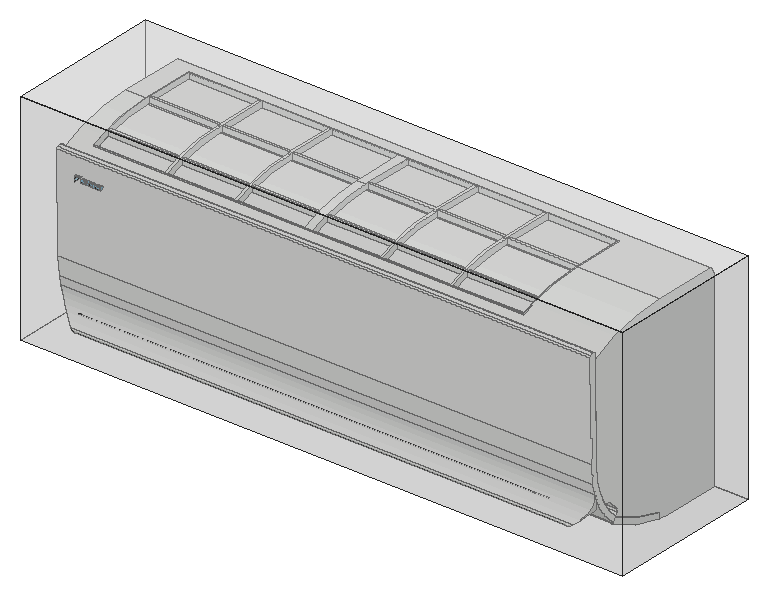
Revit family "outputfile", category 機械設備, Revit 2024
Family settings
  丸型コネクタ寸法 = 半径を使用
  パーツ タイプ = 標準
  OmniClass 番号 = 23.75.10.24.21.27.27
  OmniClass タイトル = Split System Air Conditioning Units
  作業面ベース = いいえ
  常に垂直 = はい
  ロード時にボイドで切り取り = いいえ
  注釈の向きを維持 = いいえ
  共有 = いいえ
  部屋計算ポイント = いいえ
Parameters (values of type "FTKQ09XV2S")
  Description = ""
  製造元 = "Daikin"
  書き出し IFC クラス(タイプ) = "IfcUnitaryEquipmentType"
  定義済み IFC タイプ(タイプ) = "AIRCONDITIONINGUNIT"
  Cost = 0
  モデル = "FTKQ09XV2S"
  Type Comments = ""
  Keynote = ""
  Type Image = (empty or 0)
  Assembly Code = ""
  switch_frequency = yes
  r_Liquid Pipe Size = Liquid Pipe Size / 2  # 3.2 mm
  r_Gas Pipe Size = Gas Pipe Size / 2  # 4.75 mm
  r_Drain Pipe Size = Drain Pipe Size / 2  # 8.0 mm
  lw_powersupply [instance] = if(or(Right Connection_refrigerant, Left Connection_refrigerant), 348.0 mm, if(or(Rear Right Connection_refrigerant, Bottom Right Connection_refrigerant), 30.0 mm, 740.0 mm))  # 348.0 mm
  lw_liquidpipe [instance] = if(or(Right Connection_refrigerant, Left Connection_refrigerant), 433.0 mm, if(or(Rear Right Connection_refrigerant, Bottom Right Connection_refrigerant), 40.0 mm, 730.0 mm))  # 433.0 mm
  lw_gaspipe [instance] = if(or(Right Connection_refrigerant, Left Connection_refrigerant), 393.0 mm, if(or(Rear Right Connection_refrigerant, Bottom Right Connection_refrigerant), 55.0 mm, 715.0 mm))  # 393.0 mm
  lw_drainpipe [instance] = if(or(Right Connection_refrigerant, Left Connection_refrigerant), 488.0 mm, if(or(Rear Right Connection_refrigerant, Bottom Right Connection_refrigerant), 55.0 mm, 715.0 mm))  # 488.0 mm
  l_powersupply_length [instance] = if(Right Connection_refrigerant, 348.0 mm, if(Left Connection_refrigerant, 422.0 mm, if(or(Rear Left Connection_refrigerant, Rear Right Connection_refrigerant), 20.0 mm, 50.0 mm)))  # 348.0 mm
  l_liquidpipe_length [instance] = if(Right Connection_refrigerant, 433.0 mm, if(Left Connection_refrigerant, 337.0 mm, if(or(Rear Left Connection_refrigerant, Rear Right Connection_refrigerant), 40.0 mm, 35.0 mm)))  # 433.0 mm
  l_gaspipe_length [instance] = if(Right Connection_refrigerant, 393.0 mm, if(Left Connection_refrigerant, 377.0 mm, if(or(Rear Left Connection_refrigerant, Rear Right Connection_refrigerant), 40.0 mm, 50.0 mm)))  # 393.0 mm
  l_drainpipe_length [instance] = if(Right Connection_refrigerant, 488.0 mm, if(Left Connection_refrigerant, 282.0 mm, if(or(Rear Left Connection_refrigerant, Rear Right Connection_refrigerant), 20.0 mm, 25.0 mm)))  # 488.0 mm
  h*** = 0.0 mm  # constant formula
  connector_voltage = Voltage_50Hz  # 220 V
  connector_powerinput = [Power Input (Cooling)]  # 0.000 kW
  connector_phase = Phase_50Hz  # 1
  angle_vertical [instance] = if(or(Bottom Left Connection_refrigerant, Bottom Right Connection_refrigerant), 0.00°, 90.00°)  # 90.00°
  angle_horizontal [instance] = if(Right Connection_refrigerant, 90.00°, if(Left Connection_refrigerant, -90.00°, if(or(Rear Left Connection_refrigerant, Rear Right Connection_refrigerant), 180.00°, 0.00°)))  # 90.00°
  Width = 770.0 mm
  Voltage_comment_50Hz = "220 - 240"
  Voltage_50Hz = 220 V
  Version = "ver.1.0"
  Unit Type = "Wall Mounted"
  Unit Mass Weight = 8.00 kg
  Unit Designation [instance] = ""
  Uniclass2015Version = "Products v1.30"
  Uniclass2015Title = "Split coil room air conditioning units"
  Uniclass2015Code = "Pr_70_65_03_86"
  URL = ""
  Total Cooling Capacity [instance] = 0.000 kW
  Sound Pressure Level_M speed (dBA) = 32
  Sound Pressure Level_L speed (dBA) = 27
  Sound Pressure Level_H speed (dBA) = 36
  Sound Power Level_H speed (dB) = 0
  Series = "Single Split_Fan Coil Unit"
  Sensible Cooling Capacity [instance] = 0.000 kW
  Refrigerant Type = "R32"
  Power Input (Cooling) = 0.000 kW
  Phase_50Hz = 1
  Option Accessory 3 [instance] = ""
  Option Accessory 2 [instance] = ""
  Option Accessory 1 [instance] = ""
  Nominal Cooling Capacity = 2.700 kW
  Minimum Circuit Amps_50Hz = 0.0 A
  Minimum Airflow = 426.00 m³/h
  Median Airflow = 504.00 m³/h
  Maximum Fuse Amps_50Hz = 0.0 A
  Maximum Airflow = 594.00 m³/h
  Material_Casing = DAIKIN_PureWhite_Casing_indoorunit
  Load Classification = HVAC
  Liquid Pipe Size = 6.4 mm
  Link_Nested Family [instance] = ""
  IfcVersion = ""
  IfcExportType = "AIRCONDITIONINGUNIT"
  IfcExportAs = "IfcUnitaryEquipmentType"
  Height = 285.0 mm
  Heat Exchanger Type = "Cross Fin Coil"
  Gas Pipe Size = 9.5 mm
  Frequency_50Hz = 50 Hz
  Fan Type = "Cross Flow Fan"
  Fan Drive = "Direct Drive"
  FCU Tag No. [instance] = ""
  Drain Pipe Size = 16.0 mm
  Design Supply Airflow [instance] = 0.00 m³/h
  Depth = 226.0 mm
  既定の高さ = 0.0 mm
  Cooling Entering Wet Bulb Temperature [instance] = 0.00 °C
  Cooling Entering Dry Bulb Temperature [instance] = 0.00 °C
  Cooling Ambient Wet Bulb Temperature [instance] = 0.00 °C
  Cooling Ambient Dry Bulb Temperature [instance] = 0.00 °C
  Clearance visibility [instance] = yes
  Clearance Top = 30.0 mm
  Clearance Right = 50.0 mm
  Clearance Rear = 0.0 mm
  Clearance Left = 50.0 mm
  Clearance Front = 0.0 mm
  Clearance Bottom = 0.0 mm
  Bottom Right Connection_refrigerant [instance] = no
  Bottom Left Connection_refrigerant [instance] = no
  Rear Right Connection_refrigerant [instance] = no
  Rear Left Connection_refrigerant [instance] = no
  Right Connection_refrigerant [instance] = yes
  Left Connection_refrigerant [instance] = no
Reference planes
  plane 1 "Back": y = 0
  plane 2: z = 0
  plane 3 "Center (Left/Right)": x = 0
  plane 4: y = -133
  plane 5: y = -266
  plane 6 "Left": x = -385
  plane 7 "Right": x = 385
  plane 8 "Top": z = 0
  plane 9: y = 0
  plane 10: z = -285
  plane 11 "Clearance Front": y = -226
  plane 12 "Bottom": z = -285
  plane 13: z = -285
  plane 14: z = 30
  plane 15 "Front": y = -226
  plane 16 "Clearance Rear": y = 0
  plane 17: x = -8
  plane 18: x = -48
  plane 19: x = -103
  plane 20: y = -40
  plane 21: y = -20
  plane 22: x = 37
  plane 23: x = -435
  plane 24: x = 435
  plane 25: x = 337
Forms (mm)
  Extrusion 1, solid, material "DAIKIN_PureWhite_Casing_indoorunit" <- "Material_Casing", not visible
    sketch origin (-379, 1296.25, 1210) x (0, 1, 0) y (0, 0, 1)
      loop
        line (-1296.25, -1427) -> (-1326.25, -1427)
        arc (-1326.25, -1427) -> (-1340.393, -1432.858) -> (-1346.25, -1447) r 20
        line (-1346.25, -1447) -> (-1346.25, -1467)
        arc (-1346.25, -1467) -> (-1340.393, -1481.142) -> (-1326.25, -1487) r 20
        line (-1326.25, -1487) -> (-1296.25, -1487) -> (-1296.25, -1427)
    from 759 to 764
  Extrusion 2, solid, material "DAIKIN_PureWhite_Casing_indoorunit" <- "Material_Casing"
    sketch origin (-495, 1156.25, 1200) x (0, 1, 0) y (0, 0, 1)
      loop
        line (-1156.25, -1485) -> (-1156.25, -1208.5) -> (-1161.25, -1200) -> (-1254.25, -1200)
        arc (-1254.25, -1200) -> (-1314.413, -1207.347) -> (-1371.039, -1228.956) r 250
        arc (-1371.039, -1228.956) -> (-1370.963, -1294.87) -> (-1368.901, -1360.751) r 2186.827
        arc (-1368.901, -1360.751) -> (-1367.931, -1373.599) -> (-1366.216, -1386.369) r 221.844
        arc (-1366.216, -1386.369) -> (-1361.341, -1405) -> (-1353.083, -1422.397) r 103
        line (-1353.083, -1422.397) -> (-1345.22, -1422.397)
        arc (-1345.22, -1422.397) -> (-1343.826, -1422.741) -> (-1342.751, -1423.693) r 3
        arc (-1342.751, -1423.693) -> (-1337.001, -1431.196) -> (-1330.533, -1438.09) r 95
        arc (-1330.533, -1438.09) -> (-1329.645, -1439.831) -> (-1330.018, -1441.749) r 3
        line (-1330.018, -1441.749) -> (-1332.498, -1446.044)
        arc (-1332.498, -1446.044) -> (-1295.066, -1463.723) -> (-1255.079, -1474.437) r 231
        arc (-1255.079, -1474.437) -> (-1254.485, -1474.778) -> (-1254.25, -1475.422) r 1
        line (-1254.25, -1475.422) -> (-1254.25, -1483.703)
        arc (-1254.25, -1483.703) -> (-1250.776, -1484.245) -> (-1247.294, -1484.736) r 240
        arc (-1247.294, -1484.736) -> (-1245.313, -1484.934) -> (-1243.323, -1485) r 30
        line (-1243.323, -1485) -> (-1156.25, -1485)
    from 110 to 880
  Extrusion 3, solid, material "DAIKIN_PureWhite_Casing_indoorunit" <- "Material_Casing"
    sketch origin (-622.601, -1524, -230) x (-1, 0, 0) y (0, -1, 0)
      loop
        line (-996.615, -1494) -> (-996.615, -1524) -> (-936.615, -1524) -> (-936.615, -1494)
        arc (-936.615, -1494) -> (-942.473, -1479.858) -> (-956.615, -1474) r 20
        line (-956.615, -1474) -> (-976.615, -1474)
        arc (-976.615, -1474) -> (-990.757, -1479.858) -> (-996.615, -1494) r 20
      loop
        arc (-248.601, -1494) -> (-254.459, -1479.858) -> (-268.601, -1474) r 20
        line (-268.601, -1474) -> (-288.601, -1474)
        arc (-288.601, -1474) -> (-302.743, -1479.858) -> (-308.601, -1494) r 20
        line (-308.601, -1494) -> (-308.601, -1524) -> (-248.601, -1524) -> (-248.601, -1494)
    from -55 to -50
  Extrusion 4, solid, material "DAIKIN_PureWhite_Casing_indoorunit" <- "Material_Casing"
    sketch origin (0, 0, 10) x (1, 0, 0) y (0, 0, 1)
      loop
        circle (337, -250.5) r 32.5
      loop
        circle (-337, -250.5) r 32.5
    from 0 to 5
  Extrusion 5, solid, material "DAIKIN_PureWhite_Casing_indoorunit" <- "Material_Casing"
    sketch origin (489, 1296.25, 1210) x (0, 1, 0) y (0, 0, -1)
      loop
        line (-1296.25, 1427) -> (-1296.25, 1487) -> (-1326.25, 1487)
        arc (-1326.25, 1487) -> (-1340.393, 1481.142) -> (-1346.25, 1467) r 20
        line (-1346.25, 1467) -> (-1346.25, 1447)
        arc (-1346.25, 1447) -> (-1340.393, 1432.858) -> (-1326.25, 1427) r 20
        line (-1326.25, 1427) -> (-1296.25, 1427)
    from 869 to 874
  Extrusion 6, solid, material "DAIKIN_PureWhite_Casing_indoorunit" <- "Material_Casing"
    sketch origin (-385, 1156.25, 1200) x (0, 1, 0) y (0, 0, 1)
      loop
        arc (-1374.103, -1387.706) -> (-1361.832, -1423.213) -> (-1338.419, -1452.594) r 111
        arc (-1338.419, -1452.594) -> (-1337.834, -1452.764) -> (-1337.333, -1452.419) r 0.709
        line (-1337.333, -1452.419) -> (-1334.084, -1446.792)
        arc (-1334.084, -1446.792) -> (-1333.962, -1446.14) -> (-1334.274, -1445.556) r 1
        arc (-1334.274, -1445.556) -> (-1355.212, -1418.643) -> (-1366.216, -1386.369) r 103
        arc (-1366.216, -1386.369) -> (-1367.931, -1373.599) -> (-1368.901, -1360.751) r 221.844
        arc (-1368.901, -1360.751) -> (-1370.989, -1293.222) -> (-1370.99, -1225.661) r 2186.827
        arc (-1370.99, -1225.661) -> (-1370.93, -1221.937) -> (-1370.863, -1218.213) r 2192
        arc (-1370.863, -1218.213) -> (-1371.146, -1217.637) -> (-1371.78, -1217.535) r 0.7
        line (-1371.78, -1217.535) -> (-1377.538, -1219.406)
        arc (-1377.538, -1219.406) -> (-1378.425, -1219.99) -> (-1378.887, -1220.946) r 2
        arc (-1378.887, -1220.946) -> (-1379.035, -1290.894) -> (-1376.907, -1360.81) r 2149.92
        arc (-1376.907, -1360.81) -> (-1375.901, -1374.299) -> (-1374.103, -1387.706) r 229.911
    from 0 to 770
  Extrusion 7, solid, material "DAIKIN_PureWhite_Casing_indoorunit" <- "Material_Casing"
    sketch origin (-385, 1156.25, 1200) x (0, 1, 0) y (0, 0, 1)
      loop
        arc (-1336.569, -1454.09) -> (-1297.525, -1472.406) -> (-1255.834, -1483.439) r 240
        arc (-1255.834, -1483.439) -> (-1255.428, -1483.328) -> (-1255.25, -1482.946) r 0.5
        line (-1255.25, -1482.946) -> (-1255.25, -1475.422)
        arc (-1255.25, -1475.422) -> (-1295.171, -1464.749) -> (-1332.564, -1447.164) r 232
        arc (-1332.564, -1447.164) -> (-1332.945, -1447.112) -> (-1333.249, -1447.346) r 0.5
        line (-1333.249, -1447.346) -> (-1336.741, -1453.393)
        arc (-1336.741, -1453.393) -> (-1336.802, -1453.778) -> (-1336.569, -1454.09) r 0.5
    from 0 to 770
  Extrusion 8, solid, material "DAIKIN_PureWhite_Casing_indoorunit" <- "Material_Casing"
    sketch origin (-385, 1156.25, 1200) x (0, 1, 0) y (0, 0, 1)
      loop
        arc (-1371.046, -1401.088) -> (-1370.514, -1423.975) -> (-1381.552, -1444.032) r 44
        arc (-1381.552, -1444.032) -> (-1382.188, -1446.32) -> (-1380.625, -1448.108) r 2.5
        arc (-1380.625, -1448.108) -> (-1367.897, -1451.601) -> (-1354.751, -1452.778) r 74
        line (-1354.751, -1452.778) -> (-1338.211, -1452.778)
        arc (-1338.211, -1452.778) -> (-1358.264, -1429.242) -> (-1371.046, -1401.088) r 111
    from 0 to 770
  Extrusion 9, solid, material "DAIKIN_PureWhite_Casing_indoorunit" <- "Material_Casing"
    sketch origin (-385, 1156.25, 1200) x (0, 1, 0) y (0, 0, 1)
      loop
        line (-1254.32, -1208) -> (-1177.85, -1208) -> (-1177.85, -1200) -> (-1254.25, -1200)
        arc (-1254.25, -1200) -> (-1302.879, -1204.775) -> (-1349.65, -1218.918) r 250
        line (-1349.65, -1218.918) -> (-1349.65, -1227.568)
        arc (-1349.65, -1227.568) -> (-1302.979, -1212.942) -> (-1254.32, -1208) r 242
    from 29.359 to 650.764
  Extrusion 10, void
    sketch origin (-385, 1156.25, 1200) x (0, 1, 0) y (0, 0, 1)
      loop
        line (-1349.65, -1215.676) -> (-1349.65, -1227.568)
        arc (-1349.65, -1227.568) -> (-1302.979, -1212.942) -> (-1254.32, -1208) r 242
        line (-1254.32, -1208) -> (-1177.85, -1208) -> (-1177.85, -1197) -> (-1254.25, -1197)
        arc (-1254.25, -1197) -> (-1302.856, -1201.713) -> (-1349.65, -1215.676) r 253
    from 29.359 to 650.764
  Extrusion 11, void
    sketch origin (-610.615, -1524, -240) x (-1, 0, 0) y (0, -1, 0)
      loop
        line (-255.68, -1501.684) -> (-255.68, -1432.659) -> (-357.948, -1432.659) -> (-357.948, -1501.684) -> (-255.68, -1501.684)
      loop
        line (-361.28, -1501.684) -> (-361.28, -1432.659) -> (-459.048, -1432.659) -> (-459.048, -1501.684) -> (-361.28, -1501.684)
      loop
        line (-255.68, -1429.341) -> (-255.68, -1358.741) -> (-357.948, -1358.741) -> (-357.948, -1429.341) -> (-255.68, -1429.341)
      loop
        line (-255.68, -1356.618) -> (-255.68, -1331.319) -> (-357.948, -1331.319) -> (-357.948, -1356.618) -> (-255.68, -1356.618)
      loop
        line (-361.274, -1429.341) -> (-361.274, -1358.741) -> (-459.048, -1358.741) -> (-459.048, -1429.341) -> (-361.274, -1429.341)
      loop
        line (-361.274, -1356.618) -> (-361.274, -1331.319) -> (-459.048, -1331.319) -> (-459.048, -1356.618) -> (-361.274, -1356.618)
      loop
        line (-462.312, -1501.684) -> (-462.312, -1432.659) -> (-559.622, -1432.659) -> (-559.622, -1501.684) -> (-462.312, -1501.684)
      loop
        line (-462.306, -1429.341) -> (-462.306, -1358.741) -> (-559.622, -1358.741) -> (-559.622, -1429.341) -> (-462.306, -1429.341)
      loop
        line (-462.306, -1356.618) -> (-462.306, -1331.319) -> (-559.622, -1331.319) -> (-559.622, -1356.618) -> (-462.306, -1356.618)
      loop
        line (-571.622, -1501.684) -> (-571.622, -1432.659) -> (-668.931, -1432.659) -> (-668.931, -1501.684) -> (-571.622, -1501.684)
      loop
        line (-672.311, -1501.684) -> (-672.311, -1432.659) -> (-770.079, -1432.659) -> (-770.079, -1501.684) -> (-672.311, -1501.684)
      loop
        line (-571.622, -1429.341) -> (-571.622, -1358.741) -> (-668.925, -1358.741) -> (-668.925, -1429.341) -> (-571.622, -1429.341)
      loop
        line (-571.622, -1356.618) -> (-571.622, -1331.319) -> (-668.925, -1331.319) -> (-668.925, -1356.618) -> (-571.622, -1356.618)
      loop
        line (-672.311, -1429.341) -> (-672.311, -1358.741) -> (-770.079, -1358.741) -> (-770.079, -1429.341) -> (-672.311, -1429.341)
      loop
        line (-672.311, -1356.618) -> (-672.311, -1331.319) -> (-770.079, -1331.319) -> (-770.079, -1356.618) -> (-672.311, -1356.618)
      loop
        line (-773.411, -1501.684) -> (-773.411, -1432.659) -> (-875.679, -1432.659) -> (-875.679, -1501.684) -> (-773.411, -1501.684)
      loop
        line (-773.411, -1429.341) -> (-773.411, -1358.741) -> (-875.679, -1358.741) -> (-875.679, -1429.341) -> (-773.411, -1429.341)
      loop
        line (-773.411, -1356.618) -> (-773.411, -1331.319) -> (-875.679, -1331.319) -> (-875.679, -1356.618) -> (-773.411, -1356.618)
    from 208.902 to 245
  Extrusion 12, void
    sketch origin (-385, 1156.25, 1200) x (0, 1, 0) y (0, 0, 1)
      loop
        arc (-1339.36, -1455.929) -> (-1309.531, -1470.929) -> (-1277.928, -1481.699) r 243
        line (-1277.928, -1481.699) -> (-1275.103, -1471.068)
        arc (-1275.103, -1471.068) -> (-1305.332, -1460.762) -> (-1333.859, -1446.402) r 232
        line (-1333.859, -1446.402) -> (-1339.36, -1455.929)
    from 47 to 652
  Extrusion 13, solid, material "DAIKIN_PureWhite_Casing_indoorunit" <- "Material_Casing"
    sketch origin (-385, 1156.25, 1200) x (0, 1, 0) y (0, 0, 1)
      loop
        arc (-1336.998, -1453.838) -> (-1307.924, -1468.349) -> (-1277.157, -1478.8) r 240
        line (-1277.157, -1478.8) -> (-1275.103, -1471.068)
        arc (-1275.103, -1471.068) -> (-1304.871, -1460.955) -> (-1332.998, -1446.91) r 232
        line (-1332.998, -1446.91) -> (-1336.998, -1453.838)
    from 52.507 to 648.507
  Extrusion 14, void
    sketch origin (0, 0, 0) x (1, 0, 0) y (0, 0, 1)
      loop
        line (-395, -201.088) -> (-395, -259.424) -> (-333.271, -259.424) -> (-333.271, -252.778)
        arc (-333.271, -252.778) -> (-369.835, -237.641) -> (-385, -201.088) r 51.729
        line (-385, -201.088) -> (-395, -201.088)
    from 118.853 to 250
  Extrusion 15, void
    sketch origin (0, 0, 0) x (1, 0, 0) y (0, 0, 1)
      loop
        arc (385, -200.608) -> (369.72, -237.498) -> (332.829, -252.778) r 52.171
        line (332.829, -252.778) -> (332.829, -262.778) -> (392.829, -262.778) -> (392.829, -192.778) -> (385, -192.778) -> (385, -200.608)
    from 140.894 to 250
Cuts and joins
  Extrusion 10 cuts Extrusion 2
  Extrusion 11 cuts Extrusion 9
  Extrusion 12 cuts Extrusion 7
  Extrusion 14, Extrusion 15 cuts Extrusion 8
Lines and regions (mm)
  reference lines
    curve 1: line (-395.5, -222.696, -45.45) -> (-395.5, -222.696, -55.45)
Dimensions and locks
  equal spacing: plane 6 "Left", plane 3 "Center (Left/Right)", plane 7 "Right"
  "Width": plane 6 "Left" to plane 7 "Right"
  level to plane 10 = 285.0 mm
  locked: Extrusion 4 sketch curve to plane 6 "Left" at 48
  locked: plane 7 "Right" to Extrusion 4 sketch curve at 48
  locked: plane 8 "Top" to Extrusion 4 sketch curve at 240.5  (x2)
  locked: plane 6 "Left" to Extrusion 3 sketch curve at 11
  locked: Extrusion 3 sketch curve to Extrusion 3 sketch curve at 60  (x2)
  locked: Extrusion 3 sketch curve to plane 7 "Right" at 10.986
  "Height": plane 8 "Top" to plane 12 "Bottom"
  "Clearance Top": plane 14 to plane 8 "Top"
  "Clearance Bottom": plane 12 "Bottom" to plane 13
  "Depth": plane 15 "Front" to plane 1 "Back"
  "Clearance Front": plane 15 "Front" to plane 11 "Clearance Front"
  "Clearance Rear": plane 16 "Clearance Rear" to plane 1 "Back"
  locked: plane 1 "Back" to plane 20 at 40
  locked: plane 1 "Back" to plane 21 at 20
  "Clearance Left": plane 23 to plane 6 "Left"
  "Clearance Right": plane 7 "Right" to plane 24
  "lw_powersupply": plane 22 to plane 7 "Right"
  locked: plane 25 to plane 7 "Right" at 48
  "lw_gaspipe": plane 17 to plane 7 "Right"
  "lw_liquidpipe": plane 18 to plane 7 "Right"
  "lw_drainpipe": plane 19 to plane 7 "Right"
  aligned and locked: level to plane 2
  aligned and locked: nested 2 to curve 1
  aligned and locked: plane 7 "Right" to Extrusion 1
  aligned and locked: plane 19 to nested 3
  aligned and locked: plane 18 to nested 4
  aligned and locked: plane 22 to nested 5
  aligned and locked: plane 17 to nested 6
  aligned and locked: nested 6 to plane 20
  aligned and locked: nested 4 to plane 20
  aligned and locked: nested 3 to plane 21
  aligned and locked: nested 5 to plane 21
  aligned and locked: nested 1 to plane 16 "Clearance Rear"
  aligned and locked: plane 11 "Clearance Front" to nested 1
  aligned and locked: nested 1 to plane 13
  aligned and locked: nested 1 to plane 14
  aligned and locked: nested 1 to plane 23
  aligned and locked: plane 24 to nested 1
Automatic sketch dimensions
  Extrusion 1 sketch curve to plane 1 "Back" = 0.0 mm
  plane 1 "Back" to Extrusion 1 sketch curve = 30.0 mm  (x2)
  Extrusion 1 sketch curve to Extrusion 1 sketch curve = 20.0 mm  (x2)
  Extrusion 1 sketch curve to level = 277.0 mm
  Extrusion 2 sketch curve to Extrusion 2 sketch curve = 0.0 mm  (x8)
  Extrusion 2 sketch curve to level = 0.0 mm
  Extrusion 2 sketch curve to plane 10 = 0.0 mm
  Extrusion 2 sketch curve to plane 1 "Back" = 0.0 mm
  plane 1 "Back" to Extrusion 2 sketch curve = 5.0 mm
  plane 1 "Back" to Extrusion 2 sketch curve = 59.278 mm
  plane 4 to Extrusion 2 sketch curve = 45.927 mm
  plane 10 to Extrusion 2 sketch curve = 1.297 mm
  Extrusion 2 sketch curve to Extrusion 2 sketch curve = 10.927 mm
  plane 4 to Extrusion 2 sketch curve = 35.0 mm
  Extrusion 2 sketch curve to Extrusion 2 sketch curve = 1.0 mm
  plane 4 to Extrusion 2 sketch curve = 24.681 mm
  Extrusion 2 sketch curve to plane 4 = 40.768 mm
  Extrusion 2 sketch curve to Extrusion 2 sketch curve = 2.48 mm
  Extrusion 2 sketch curve to Extrusion 2 sketch curve = 2.598 mm
  Extrusion 2 sketch curve to Extrusion 2 sketch curve = 12.604 mm
  Extrusion 2 sketch curve to Extrusion 2 sketch curve = 7.862 mm
  Extrusion 2 sketch curve to plane 1 "Back" = 8.955 mm
  Extrusion 2 sketch curve to level = 59.408 mm
  Extrusion 2 sketch curve to Extrusion 2 sketch curve = 1962.872 mm
  Extrusion 2 sketch curve to Extrusion 2 sketch curve = 8.281 mm
  Extrusion 2 sketch curve to Extrusion 2 sketch curve = 20.422 mm
  Extrusion 2 sketch curve to Extrusion 2 sketch curve = 5.0 mm
  plane 10 to Extrusion 2 sketch curve = 38.956 mm
  Extrusion 2 sketch curve to Extrusion 2 sketch curve = 4.295 mm
  Extrusion 2 sketch curve to Extrusion 2 sketch curve = 1.5 mm
  Extrusion 2 sketch curve to Extrusion 2 sketch curve = 14.851 mm
  Extrusion 2 sketch curve to Extrusion 2 sketch curve = 3.0 mm
  Extrusion 2 sketch curve to Extrusion 2 sketch curve = 80.275 mm
  Extrusion 2 sketch curve to Extrusion 2 sketch curve = 19.254 mm
  Extrusion 2 sketch curve to level = 46.847 mm
  Extrusion 2 sketch curve to level = 8.5 mm
  Extrusion 2 sketch curve to Extrusion 2 sketch curve = 13.133 mm
  plane 1 "Back" to Extrusion 3 sketch curve = 0.0 mm  (x2)
  Extrusion 3 sketch curve to Extrusion 3 sketch curve = 20.0 mm  (x4)
  plane 1 "Back" to Extrusion 3 sketch curve = 30.0 mm  (x2)
  Extrusion 5 sketch curve to plane 1 "Back" = 0.0 mm
  plane 1 "Back" to Extrusion 5 sketch curve = 30.0 mm  (x2)
  Extrusion 5 sketch curve to Extrusion 5 sketch curve = 20.0 mm  (x2)
  Extrusion 5 sketch curve to level = 217.0 mm
  Extrusion 6 sketch curve to Extrusion 6 sketch curve = 0.0 mm  (x5)
  Extrusion 6 sketch curve to level = 19.406 mm
  Extrusion 6 sketch curve to Extrusion 6 sketch curve = 1.349 mm
  Extrusion 6 sketch curve to Extrusion 6 sketch curve = 0.618 mm
  Extrusion 6 sketch curve to level = 17.535 mm
  Extrusion 6 sketch curve to Extrusion 6 sketch curve = 5.759 mm
  Extrusion 6 sketch curve to Extrusion 6 sketch curve = 0.217 mm
  Extrusion 6 sketch curve to plane 4 = 48.697 mm
  Extrusion 6 sketch curve to Extrusion 6 sketch curve = 0.614 mm
  Extrusion 6 sketch curve to Extrusion 6 sketch curve = 2.997 mm
  Extrusion 6 sketch curve to Extrusion 6 sketch curve = 0.866 mm
  plane 4 to Extrusion 6 sketch curve = 24.681 mm
  Extrusion 6 sketch curve to plane 1 "Back" = 8.955 mm
  Extrusion 6 sketch curve to Extrusion 6 sketch curve = 0.067 mm
  Extrusion 6 sketch curve to level = 60.455 mm
  Extrusion 6 sketch curve to Extrusion 6 sketch curve = 44.907 mm
  Extrusion 6 sketch curve to Extrusion 6 sketch curve = 5.173 mm
  Extrusion 6 sketch curve to level = 150.462 mm
  Extrusion 6 sketch curve to Extrusion 6 sketch curve = 0.008 mm
  Extrusion 6 sketch curve to Extrusion 6 sketch curve = 19.254 mm
  Extrusion 6 sketch curve to Extrusion 6 sketch curve = 76.567 mm
  Extrusion 6 sketch curve to Extrusion 6 sketch curve = 0.5 mm
  Extrusion 6 sketch curve to Extrusion 6 sketch curve = 5.772 mm
  Extrusion 6 sketch curve to Extrusion 6 sketch curve = 1.017 mm
  Extrusion 6 sketch curve to Extrusion 6 sketch curve = 0.03 mm
  Extrusion 6 sketch curve to Extrusion 6 sketch curve = 0.665 mm
  plane 5 to Extrusion 6 sketch curve = 45.344 mm
  Extrusion 6 sketch curve to Extrusion 6 sketch curve = 5.93 mm
  Extrusion 6 sketch curve to Extrusion 6 sketch curve = 7.888 mm
  Extrusion 7 sketch curve to plane 4 = 47.49 mm
  Extrusion 7 sketch curve to Extrusion 7 sketch curve = 0.424 mm
  Extrusion 7 sketch curve to Extrusion 7 sketch curve = 3.491 mm
  Extrusion 7 sketch curve to Extrusion 7 sketch curve = 0.433 mm
  plane 4 to Extrusion 7 sketch curve = 33.5 mm
  Extrusion 7 sketch curve to Extrusion 7 sketch curve = 0.5 mm
  plane 1 "Back" to Extrusion 7 sketch curve = 59.278 mm
  Extrusion 7 sketch curve to Extrusion 7 sketch curve = 0.0 mm  (x4)
  Extrusion 7 sketch curve to level = 282.946 mm
  Extrusion 7 sketch curve to Extrusion 7 sketch curve = 7.524 mm
  Extrusion 7 sketch curve to Extrusion 7 sketch curve = 21.764 mm
  Extrusion 7 sketch curve to Extrusion 7 sketch curve = 0.265 mm
  Extrusion 7 sketch curve to Extrusion 7 sketch curve = 6.062 mm
  Extrusion 7 sketch curve to Extrusion 7 sketch curve = 0.25 mm
  Extrusion 7 sketch curve to level = 46.848 mm
  Extrusion 7 sketch curve to Extrusion 7 sketch curve = 0.084 mm
  plane 5 to Extrusion 8 sketch curve = 8.997 mm
  plane 5 to Extrusion 8 sketch curve = 42.5 mm
  Extrusion 8 sketch curve to Extrusion 8 sketch curve = 25.0 mm
  Extrusion 8 sketch curve to Extrusion 8 sketch curve = 16.54 mm
  plane 4 to Extrusion 8 sketch curve = 24.681 mm
  Extrusion 8 sketch curve to level = 252.778 mm
  Extrusion 8 sketch curve to Extrusion 8 sketch curve = 7.013 mm
  Extrusion 8 sketch curve to Extrusion 8 sketch curve = 32.246 mm
  Extrusion 8 sketch curve to Extrusion 8 sketch curve = 34.741 mm
  Extrusion 8 sketch curve to Extrusion 8 sketch curve = 9.054 mm
  Extrusion 8 sketch curve to Extrusion 8 sketch curve = 1.801 mm
  Extrusion 8 sketch curve to Extrusion 8 sketch curve = 0.0 mm  (x2)
  Extrusion 8 sketch curve to Extrusion 8 sketch curve = 16.296 mm
  Extrusion 9 sketch curve to level = 0.0 mm
  Extrusion 9 sketch curve to level = 18.918 mm
  Extrusion 9 sketch curve to plane 4 = 60.4 mm
  Extrusion 9 sketch curve to level = 8.0 mm
  plane 4 to Extrusion 9 sketch curve = 34.93 mm
  Extrusion 9 sketch curve to Extrusion 9 sketch curve = 0.07 mm
  plane 1 "Back" to Extrusion 9 sketch curve = 21.6 mm
  Extrusion 9 sketch curve to Extrusion 9 sketch curve = 0.0 mm
  Extrusion 10 sketch curve to level = 27.568 mm
  Extrusion 10 sketch curve to plane 4 = 60.4 mm
  plane 4 to Extrusion 10 sketch curve = 34.93 mm
  level to Extrusion 10 sketch curve = 3.0 mm
  Extrusion 10 sketch curve to Extrusion 10 sketch curve = 0.07 mm
  plane 1 "Back" to Extrusion 10 sketch curve = 21.6 mm
  Extrusion 10 sketch curve to Extrusion 10 sketch curve = 222.432 mm
  Extrusion 10 sketch curve to Extrusion 10 sketch curve = 0.0 mm
  plane 4 to Extrusion 11 sketch curve = 38.341 mm
  Extrusion 11 sketch curve to plane 7 "Right" = 119.936 mm
  Extrusion 11 sketch curve to Extrusion 11 sketch curve = 0.0 mm  (x22)
  plane 1 "Back" to Extrusion 11 sketch curve = 22.316 mm  (x3)
  Extrusion 11 sketch curve to Extrusion 11 sketch curve = 102.268 mm
  Extrusion 11 sketch curve to Extrusion 11 sketch curve = 3.332 mm  (x3)
  plane 3 "Center (Left/Right)" to Extrusion 11 sketch curve = 61.696 mm  (x2)
  Extrusion 11 sketch curve to Extrusion 11 sketch curve = 3.38 mm
  Extrusion 11 sketch curve to Extrusion 11 sketch curve = 3.386 mm
  Extrusion 11 sketch curve to Extrusion 11 sketch curve = 0.006 mm  (x3)
  Extrusion 11 sketch curve to plane 3 "Center (Left/Right)" = 38.993 mm  (x2)
  Extrusion 11 sketch curve to Extrusion 11 sketch curve = 12.0 mm  (x2)
  plane 4 to Extrusion 11 sketch curve = 41.659 mm  (x3)
  Extrusion 11 sketch curve to Extrusion 11 sketch curve = 97.309 mm
  Extrusion 11 sketch curve to plane 4 = 32.259 mm  (x4)
  Extrusion 11 sketch curve to Extrusion 11 sketch curve = 3.264 mm
  Extrusion 11 sketch curve to Extrusion 11 sketch curve = 3.258 mm  (x2)
  Extrusion 11 sketch curve to Extrusion 11 sketch curve = 97.768 mm
  Extrusion 11 sketch curve to Extrusion 11 sketch curve = 3.326 mm
  plane 6 "Left" to Extrusion 11 sketch curve = 30.066 mm
  Extrusion 11 sketch curve to Extrusion 11 sketch curve = 3.317 mm  (x5)
  Extrusion 11 sketch curve to Extrusion 11 sketch curve = 2.124 mm  (x6)
  Extrusion 11 sketch curve to Extrusion 11 sketch curve = 25.299 mm  (x5)
  plane 4 to Extrusion 12 sketch curve = 11.323 mm
  Extrusion 12 sketch curve to Extrusion 12 sketch curve = 2.825 mm
  Extrusion 12 sketch curve to Extrusion 12 sketch curve = 0.0 mm  (x2)
  Extrusion 12 sketch curve to level = 281.699 mm
  Extrusion 12 sketch curve to Extrusion 12 sketch curve = 10.631 mm
  Extrusion 13 sketch curve to plane 4 = 47.748 mm
  Extrusion 13 sketch curve to Extrusion 13 sketch curve = 4.0 mm
  plane 4 to Extrusion 13 sketch curve = 12.093 mm
  Extrusion 13 sketch curve to Extrusion 13 sketch curve = 2.054 mm
  plane 1 "Back" to Extrusion 13 sketch curve = 59.278 mm
  Extrusion 13 sketch curve to Extrusion 13 sketch curve = 0.0 mm
  Extrusion 13 sketch curve to level = 278.8 mm
  Extrusion 13 sketch curve to Extrusion 13 sketch curve = 7.732 mm
  Extrusion 13 sketch curve to Extrusion 13 sketch curve = 17.23 mm
  Extrusion 13 sketch curve to Extrusion 13 sketch curve = 6.928 mm
  Extrusion 12 sketch curve to plane 4 = 50.109 mm
  plane 1 "Back" to Extrusion 12 sketch curve = 59.278 mm
  Extrusion 12 sketch curve to Extrusion 12 sketch curve = 15.14 mm
  Extrusion 12 sketch curve to Extrusion 12 sketch curve = 5.5 mm
  Extrusion 14 sketch curve to plane 6 "Left" = 10.0 mm
  plane 6 "Left" to Extrusion 14 sketch curve = 0.0 mm
  plane 7 "Right" to Extrusion 15 sketch curve = 7.829 mm
  Extrusion 15 sketch curve to plane 7 "Right" = 0.0 mm
  Extrusion 6 sketch curve to plane 4 = 87.67 mm
  Extrusion 6 sketch curve to Extrusion 6 sketch curve = 1.902 mm
  Extrusion 6 sketch curve to Extrusion 6 sketch curve = 2.804 mm
  plane 6 "Left" to Extrusion 14 sketch curve = 51.729 mm
  Extrusion 14 sketch curve to Extrusion 14 sketch curve = 6.646 mm
  Extrusion 15 sketch curve to Extrusion 15 sketch curve = 10.0 mm
  Extrusion 14 sketch curve to level = 259.424 mm
  Extrusion 14 sketch curve to Extrusion 14 sketch curve = 58.337 mm
  Extrusion 15 sketch curve to plane 7 "Right" = 52.171 mm
  Extrusion 15 sketch curve to level = 262.778 mm
  Extrusion 15 sketch curve to Extrusion 15 sketch curve = 7.829 mm
  plane 5 to curve 1 = 43.304 mm
  curve 1 to level = 55.45 mm
  curve 1 to curve 1 = 10.0 mm
  radius of Extrusion 4 sketch curve = 32.5 mm  (x2)
Nested families
  nested 1: "daikin_clearancespace" at (0, -113, -127.381), show <- "Clearance visibility", visible <- "Clearance visibility", Link_Nested Family <- "Link_Nested Family", type "daikin_clearancespace"
    with width 870.0 mm, show yes, height 315.0 mm, depth 226.0 mm, Link_Nested Family ""
  nested 2: "daikin_logo_plane_w40" at (-338, -222.696, -45) x (1, 0, 0) z (0, -1, 0), type "daikin_logo_plane_w40"
    with show_logo yes
  nested 3: "daikin_connector_rotate3" at (-103, -20, -260), angle_vertical <- "angle_vertical", angle_horizontal <- "angle_horizontal", length <- "l_drainpipe_length", radius <- "r_Drain Pipe Size", type "daikin_connector_rotate3"
    with show no, radius 8.0 mm, length 488.0 mm, angle_vertical 90.00°, angle_horizontal 90.00°
  nested 4: "daikin_connector_rotate3" at (-48, -40, -250), angle_vertical <- "angle_vertical", angle_horizontal <- "angle_horizontal", length <- "l_liquidpipe_length", radius <- "r_Liquid Pipe Size", type "daikin_connector_rotate3"
    with show no, radius 3.2 mm, length 433.0 mm, angle_vertical 90.00°, angle_horizontal 90.00°
  nested 5: "daikin_connector_rotate3" at (37, -20, -235), angle_vertical <- "angle_vertical", angle_horizontal <- "angle_horizontal", length <- "l_powersupply_length", type "daikin_connector_rotate3"
    with show no, radius 10.0 mm, length 348.0 mm, angle_vertical 90.00°, angle_horizontal 90.00°
  nested 6: "daikin_connector_rotate3" at (-8, -40, -235), angle_vertical <- "angle_vertical", angle_horizontal <- "angle_horizontal", length <- "l_gaspipe_length", radius <- "r_Gas Pipe Size", type "daikin_connector_rotate3"
    with show no, radius 4.75 mm, length 393.0 mm, angle_vertical 90.00°, angle_horizontal 90.00°
Connectors
  electrical at (385, -20, -235), driven by "Load Classification", driven by "connector_voltage", driven by "connector_phase", driven by "connector_powerinput"
    settings: on nested 5, index 1, voltage 220 V, apparent load 0 VA, apparent load phase1 0 VA, apparent load phase2 0 VA, apparent load phase3 0 VA, power factor 1, load classification "HVAC", number of poles 1, system type 30, power factor state 1, is connector primary yes, connector utility no, sub classification motor no, connector description "Power Supply"
  piping at (385, -20, -260), diameter 16, driven by "r_Drain Pipe Size"
    settings: on nested 3, index 2, connector inside diameter 609.6 mm, connector length 0.0 mm, flow factor 0, pipe flow 0.00 m³/h, pressure drop 0.0 Pa, fitting loss kfactor 0, connector angle 0.00°, fixture units 0, engagement length 0.0 mm, angle of deflection 0.00°, flow configuration 1, flow direction 2, fitting loss method 4, system type 16, joint type 0, gender type 0, connector reference index -1, connector utility 0, adjustable connector no, is connector primary yes, connector description "Condensate Drain Piping"
  piping at (385, -40, -235), diameter 9.5, driven by "r_Gas Pipe Size"
    settings: on nested 6, index 3, connector inside diameter 609.6 mm, connector length 0.0 mm, flow factor 0, pipe flow 0.00 m³/h, pressure drop 0.0 Pa, fitting loss kfactor 0, connector angle 0.00°, fixture units 0, engagement length 0.0 mm, angle of deflection 0.00°, flow configuration 1, flow direction 2, fitting loss method 0, system type 29, joint type 0, gender type 0, connector reference index -1, connector utility 0, adjustable connector no, is connector primary no, connector description "Refrigerant Gas Piping"
  piping at (385, -40, -250), diameter 6.4, driven by "r_Liquid Pipe Size"
    settings: on nested 4, index 4, connector inside diameter 609.6 mm, connector length 0.0 mm, flow factor 0, pipe flow 0.00 m³/h, pressure drop 0.0 Pa, fitting loss kfactor 0, connector angle 0.00°, fixture units 0, engagement length 0.0 mm, angle of deflection 0.00°, flow configuration 1, flow direction 1, fitting loss method 0, system type 29, joint type 0, gender type 0, connector reference index -1, connector utility 0, adjustable connector no, is connector primary no, connector description "Refrigerant Liquid Piping"
Definition of nested family "daikin_clearancespace"
  Parameters (values of type "daikin_clearancespace")
    Description = "daikin_clearancespace"
    width [instance] = 1823.963 mm
    show [instance] = yes
    material = none
    height [instance] = 1359.762 mm
    depth [instance] = 880.0 mm
    Default Elevation = 0.0 mm
    Link_Nested Family [instance] = ""
  Reference planes
    plane 1 "Center (Front/Back)": y = 0
    plane 2 "Center (Elevation)": z = -0.119
    plane 3 "Center (Left/Right)": x = 0
    plane 4: y = 440
    plane 5: y = -440
    plane 6 "Right": x = 911.982
    plane 7 "Left": x = -911.982
    plane 8 "Top": z = 679.762
    plane 9 "Bottom": z = -680
  Forms (mm)
    Extrusion 1, solid, material <- "material", visible <- "show"
      sketch origin (0, 0, 0) x (1, 0, 0) y (0, 1, 0)
        loop
          line (-911.982, 440) -> (-911.982, -440) -> (911.982, -440) -> (911.982, 440) -> (-911.982, 440)
      from -680 to 679.762
  Lines and regions (mm)
    symbolic lines, visible <- "show"
      curve 1: line (911.982, 440, 0) -> (-911.982, 440, 0)
      curve 2: line (-911.982, 440, 0) -> (-911.982, -440, 0)
      curve 3: line (-911.982, -440, 0) -> (911.982, -440, 0)
      curve 4: line (911.982, -440, 0) -> (911.982, 440, 0)
      curve 5: line (911.982, 0, 679.762) -> (-911.982, 0, 679.762)
      curve 6: line (911.982, 0, -680) -> (911.982, 0, 679.762)
      curve 7: line (-911.982, 0, -680) -> (911.982, 0, -680)
      curve 8: line (-911.982, 0, 679.762) -> (-911.982, 0, -680)
      curve 9: line (0, 440, 679.762) -> (0, -440, 679.762)
      curve 10: line (0, -440, 679.762) -> (0, -440, -680)
      curve 11: line (0, 440, -680) -> (0, 440, 679.762)
      curve 12: line (0, -440, -680) -> (0, 440, -680)
  Dimensions and locks
    "width": plane 7 "Left" to plane 6 "Right"
    "depth": plane 4 to plane 5
    "height": plane 8 "Top" to plane 9 "Bottom"
    equal spacing: plane 7 "Left", plane 3 "Center (Left/Right)", plane 6 "Right"
    equal spacing: plane 4, plane 1 "Center (Front/Back)", plane 5
    equal spacing: plane 8 "Top", plane 2 "Center (Elevation)", plane 9 "Bottom"
    aligned and locked: level to plane 2 "Center (Elevation)"
    aligned and locked: Extrusion 1 sketch curve to plane 4
    aligned and locked: plane 7 "Left" to Extrusion 1 sketch curve
    aligned and locked: Extrusion 1 sketch curve to plane 5
    aligned and locked: Extrusion 1 sketch curve to plane 6 "Right"
    aligned and locked: plane 8 "Top" to Extrusion 1
    aligned and locked: curve 1 to Extrusion 1
    aligned and locked: curve 2 to Extrusion 1
    aligned and locked: curve 3 to Extrusion 1
    aligned and locked: curve 4 to Extrusion 1
    aligned and locked: curve 5 to Extrusion 1
    aligned and locked: curve 6 to Extrusion 1
    aligned and locked: curve 7 to Extrusion 1
    aligned and locked: curve 8 to Extrusion 1
    aligned and locked: curve 9 to Extrusion 1
    aligned and locked: curve 10 to Extrusion 1
    aligned and locked: curve 11 to Extrusion 1
    aligned and locked: curve 12 to Extrusion 1
    aligned and locked: Extrusion 1 to plane 9 "Bottom"
Definition of nested family "daikin_logo_plane_w40"
  Parameters (values of type "daikin_logo_plane_w40")
    width = 40.0 mm
    show_logo [instance] = yes
    material = none
    height = 0.0 mm
    depth = 0.0 mm
    Default Elevation = 1219.2 mm
  Reference planes
    plane 1 "Center (Front/Back)": y = 0
    plane 2: z = 0
    plane 3 "Center (Left/Right)": x = 0
    plane 4: z = 2
    plane 5 "left": x = -19
    plane 6: x = 19
  Forms (mm)
    Extrusion 1, solid, visible <- "show_logo"
      sketch origin (-19, 0, 0) x (1, 0, 0) y (0, 1, 0)
        loop
          line (8.902, -1.878) -> (7.789, -6.332) -> (11.13, -6.332)
          arc (11.13, -6.332) -> (12.454, -6.064) -> (13.472, -5.176) r 2.642
          arc (13.472, -5.176) -> (13.92, -4.02) -> (13.767, -2.79) r 2.537
          arc (13.767, -2.79) -> (13.452, -2.342) -> (12.982, -2.06) r 1.321
          arc (12.982, -2.06) -> (12.063, -1.902) -> (11.13, -1.878) r 6.479
          line (11.13, -1.878) -> (8.902, -1.878)
        loop
          line (10.016, -5.441) -> (10.907, -5.441)
          arc (10.907, -5.441) -> (11.591, -4.983) -> (11.988, -4.261) r 1.742
          spline (11.988, -4.261) -> (12.01, -4.155) -> (12.027, -4.03) -> (12.037, -3.893) -> (12.037, -3.747) -> (12.026, -3.598) -> (12.002, -3.451) -> (11.962, -3.31) -> (11.905, -3.181) -> (11.829, -3.069) -> (11.731, -2.978) -> (11.61, -2.913) -> (11.464, -2.88)
          line (11.464, -2.88) -> (10.573, -2.88) -> (10.016, -5.441)
        loop
          line (13.58, -6.332) -> (14.805, -6.332) -> (15.223, -5.553) -> (16.977, -5.553) -> (17.144, -6.332) -> (19.149, -6.332) -> (18.258, -1.878) -> (16.03, -1.878) -> (13.58, -6.332)
        loop
          line (16.476, -3.214) -> (15.76, -4.551) -> (16.762, -4.551) -> (16.476, -3.214)
        loop
          line (19.705, -6.332) -> (21.599, -6.332) -> (22.712, -1.878) -> (20.819, -1.878) -> (19.705, -6.332)
        loop
          line (22.712, -6.332) -> (24.606, -6.332) -> (24.908, -5.122) -> (25.831, -6.332) -> (28.17, -6.332) -> (26.388, -3.994) -> (28.949, -1.878) -> (26.945, -1.878) -> (25.401, -3.153) -> (25.719, -1.878) -> (23.826, -1.878) -> (22.712, -6.332)
        loop
          line (29.84, -1.878) -> (28.615, -6.332) -> (30.62, -6.332) -> (31.734, -1.878) -> (29.84, -1.878)
        loop
          line (31.734, -6.332) -> (33.07, -6.332) -> (33.7, -3.814) -> (34.518, -6.332) -> (36.745, -6.332) -> (37.859, -1.878) -> (36.523, -1.878) -> (35.845, -4.589) -> (34.963, -1.878) -> (32.847, -1.878) -> (31.734, -6.332)
      from 0 to 2
    Extrusion 2, solid, visible <- "show_logo"
      sketch origin (-19, 0, 0) x (1, 0, 0) y (0, 1, 0)
        loop
          line (8.7, 0) -> (4.235, 0) -> (0, -3.879) -> (0, -8) -> (8.7, 0)
      from 0 to 2
    Extrusion 3, solid, visible <- "show_logo"
      sketch origin (-19, 0, 0) x (1, 0, 0) y (0, 1, 0)
        loop
          line (0, 0) -> (0, -3.879) -> (4.235, 0) -> (0, 0)
      from 0 to 2
  Dimensions and locks
    plane 4 to plane 2 = 2.0 mm
    equal spacing: plane 5 "left", plane 3 "Center (Left/Right)", plane 6
    locked: plane 5 "left" to plane 6 at 38
    aligned and locked: level to plane 2
    aligned and locked: Extrusion 3 to plane 1 "Center (Front/Back)"  (x2)
    aligned and locked: Extrusion 2 to plane 1 "Center (Front/Back)"  (x2)
    aligned and locked: plane 4 to Extrusion 1
    aligned and locked: plane 4 to Extrusion 3
    aligned and locked: plane 4 to Extrusion 2
    aligned and locked: Extrusion 3 to plane 5 "left"
    aligned and locked: Extrusion 2 to plane 5 "left"
  Automatic sketch dimensions
    Extrusion 1 sketch curve to Extrusion 1 sketch curve = 0.901 mm
    Extrusion 1 sketch curve to Extrusion 1 sketch curve = 1.559 mm
    Extrusion 1 sketch curve to Extrusion 1 sketch curve = 1.327 mm
    Extrusion 1 sketch curve to Extrusion 1 sketch curve = 2.145 mm
    Extrusion 1 sketch curve to Extrusion 1 sketch curve = 1.448 mm
    Extrusion 1 sketch curve to Extrusion 1 sketch curve = 2.116 mm
    Extrusion 1 sketch curve to Extrusion 1 sketch curve = 1.114 mm  (x4)
    Extrusion 1 sketch curve to Extrusion 1 sketch curve = 1.336 mm  (x2)
    plane 1 "Center (Front/Back)" to Extrusion 1 sketch curve = 1.878 mm  (x5)
    Extrusion 1 sketch curve to Extrusion 1 sketch curve = 1.893 mm  (x5)
    Extrusion 1 sketch curve to Extrusion 1 sketch curve = 0.891 mm  (x4)
    Extrusion 1 sketch curve to Extrusion 1 sketch curve = 2.005 mm  (x3)
    Extrusion 1 sketch curve to Extrusion 1 sketch curve = 0.445 mm  (x2)
    plane 1 "Center (Front/Back)" to Extrusion 1 sketch curve = 3.994 mm
    Extrusion 1 sketch curve to Extrusion 1 sketch curve = 0.557 mm  (x2)
    Extrusion 1 sketch curve to Extrusion 1 sketch curve = 2.339 mm  (x2)
    Extrusion 1 sketch curve to Extrusion 1 sketch curve = 1.225 mm  (x3)
    plane 1 "Center (Front/Back)" to Extrusion 1 sketch curve = 3.153 mm
    Extrusion 1 sketch curve to Extrusion 1 sketch curve = 0.987 mm
    plane 1 "Center (Front/Back)" to Extrusion 1 sketch curve = 5.122 mm
    Extrusion 1 sketch curve to Extrusion 1 sketch curve = 0.922 mm
    plane 1 "Center (Front/Back)" to Extrusion 1 sketch curve = 6.332 mm
    Extrusion 1 sketch curve to Extrusion 1 sketch curve = 2.562 mm
    plane 1 "Center (Front/Back)" to Extrusion 1 sketch curve = 5.553 mm
    Extrusion 1 sketch curve to Extrusion 1 sketch curve = 0.167 mm
    Extrusion 1 sketch curve to Extrusion 1 sketch curve = 0.215 mm
    plane 1 "Center (Front/Back)" to Extrusion 1 sketch curve = 3.214 mm
    Extrusion 1 sketch curve to Extrusion 1 sketch curve = 0.286 mm
    plane 1 "Center (Front/Back)" to Extrusion 1 sketch curve = 4.551 mm
    Extrusion 1 sketch curve to Extrusion 1 sketch curve = 1.002 mm
    Extrusion 1 sketch curve to Extrusion 1 sketch curve = 0.537 mm
    Extrusion 1 sketch curve to Extrusion 1 sketch curve = 0.418 mm
    Extrusion 1 sketch curve to Extrusion 1 sketch curve = 1.028 mm
    plane 1 "Center (Front/Back)" to Extrusion 1 sketch curve = 4.261 mm
    Extrusion 1 sketch curve to Extrusion 1 sketch curve = 0.563 mm
    plane 1 "Center (Front/Back)" to Extrusion 1 sketch curve = 2.88 mm
    Extrusion 1 sketch curve to Extrusion 1 sketch curve = 1.088 mm
    Extrusion 1 sketch curve to Extrusion 1 sketch curve = 2.152 mm
    Extrusion 1 sketch curve to Extrusion 1 sketch curve = 0.586 mm
    Extrusion 1 sketch curve to Extrusion 1 sketch curve = 0.118 mm
    Extrusion 1 sketch curve to Extrusion 1 sketch curve = 0.298 mm
    Extrusion 1 sketch curve to Extrusion 1 sketch curve = 0.334 mm
    Extrusion 1 sketch curve to Extrusion 1 sketch curve = 0.223 mm
    Extrusion 1 sketch curve to Extrusion 1 sketch curve = 0.266 mm
    Extrusion 1 sketch curve to Extrusion 1 sketch curve = 1.671 mm
    Extrusion 1 sketch curve to Extrusion 1 sketch curve = 2.227 mm
    Extrusion 1 sketch curve to Extrusion 1 sketch curve = 0.0 mm  (x7)
    Extrusion 1 sketch curve to Extrusion 1 sketch curve = 3.453 mm
    Extrusion 1 sketch curve to Extrusion 1 sketch curve = 2.017 mm
    Extrusion 1 sketch curve to Extrusion 1 sketch curve = 0.78 mm  (x2)
    Extrusion 1 sketch curve to Extrusion 1 sketch curve = 1.743 mm
    Extrusion 1 sketch curve to Extrusion 1 sketch curve = 0.775 mm
    Extrusion 1 sketch curve to Extrusion 1 sketch curve = 0.552 mm
    Extrusion 1 sketch curve to Extrusion 1 sketch curve = 0.014 mm
    Extrusion 1 sketch curve to Extrusion 1 sketch curve = 0.952 mm
    Extrusion 1 sketch curve to Extrusion 1 sketch curve = 1.215 mm
    Extrusion 1 sketch curve to Extrusion 1 sketch curve = 0.108 mm
    plane 1 "Center (Front/Back)" to Extrusion 2 sketch curve = 0.0 mm
    Extrusion 2 sketch curve to plane 3 "Center (Left/Right)" = 19.0 mm
    Extrusion 2 sketch curve to plane 3 "Center (Left/Right)" = 14.765 mm
    Extrusion 2 sketch curve to Extrusion 2 sketch curve = 4.465 mm
    plane 1 "Center (Front/Back)" to Extrusion 2 sketch curve = 3.879 mm
    Extrusion 2 sketch curve to Extrusion 2 sketch curve = 4.12 mm
    plane 1 "Center (Front/Back)" to Extrusion 3 sketch curve = 0.0 mm
    Extrusion 3 sketch curve to plane 3 "Center (Left/Right)" = 19.0 mm
    Extrusion 3 sketch curve to plane 3 "Center (Left/Right)" = 14.765 mm
    plane 1 "Center (Front/Back)" to Extrusion 3 sketch curve = 3.879 mm
    Extrusion 1 sketch curve to plane 3 "Center (Left/Right)" = 11.211 mm
    Extrusion 1 sketch curve to Extrusion 1 sketch curve = 1.782 mm
Definition of nested family "daikin_connector_rotate3"
  Parameters (values of type "daikin_connector_rotate3")
    show [instance] = yes
    radius [instance] = 10.0 mm
    length [instance] = 600.0 mm
    angle_horizontal [instance] = 60.00°
    angle_vertical [instance] = 90.00°
    Default Elevation = 1219.2 mm
  Reference planes
    plane 1 "Center (Front/Back)": y = 0
    plane 2: z = 0
    plane 3 "Center (Left/Right)": x = 0
  Dimensions and locks
    "angle_horizontal": angle plane 3 "Center (Left/Right)" to nested 1
    aligned and locked: level to plane 2
    aligned and locked: plane 1 "Center (Front/Back)" to nested 1  (x2)
    aligned and locked: plane 3 "Center (Left/Right)" to nested 1
  Nested families
    nested 1: "daikin_connector_rotate2" at (0, 0, 0) x (0.5, 0.866, 0) z (0, 0, 1), angle_vertical <- "angle_vertical", length <- "length", radius <- "radius", type "daikin_connector_rotate2"
      with radius 10.0 mm, length 600.0 mm, angle_vertical 90.00°
  Definition of nested family "daikin_connector_rotate2"
    Parameters (values of type "daikin_connector_rotate2")
      show_face = yes
      radius [instance] = 10.0 mm
      length [instance] = 600.0 mm
      d_surface = 10.0 mm
      angle_vertical [instance] = 90.00°
      Default Elevation = 0.0 mm
    Reference planes
      plane 1 "Center (Front/Back)": y = 0
      plane 2: z = 0
      plane 3 "Center (Left/Right)": x = 0
    Forms (mm)
      Extrusion 1, solid, visible <- "show_face"
        sketch origin (0, -600, 0) x (1, 0, 0) y (0, 0, 1)
          loop
            circle (0, 0) r 10
        from 0 to -10
    Lines and regions (mm)
      reference lines
        curve 1: line (0, 0, 0) -> (0, -600, 0)
      symbolic lines
        curve 2: circle (0, 0, 0) r 5 normal (0, 0, 1)
      model lines, visible <- "show_face"
        curve 3: line (0, 0, 0) -> (0, -600, 0)
    Dimensions and locks
      "length": curve 1 to curve 1
      "length": curve 3 to curve 3
      "d_surface": Extrusion 1 to Extrusion 1
      "radius": radius of Extrusion 1 sketch curve
      "angle_vertical": angle curve 1 to plane 1 "Center (Front/Back)"
      "angle_vertical": angle curve 3 to plane 1 "Center (Front/Back)"
      aligned and locked: level to plane 2
      aligned and locked: plane 1 "Center (Front/Back)" to curve 1
      aligned and locked: plane 2 to curve 1
      aligned and locked: plane 1 "Center (Front/Back)" to curve 2
      aligned and locked: plane 3 "Center (Left/Right)" to curve 2
      aligned and locked: plane 1 "Center (Front/Back)" to curve 3
      aligned and locked: plane 2 to curve 3
      aligned and locked: Extrusion 1 to Extrusion 1
    Automatic sketch dimensions
      Extrusion 1 sketch curve to level = 0.0 mm
      Extrusion 1 sketch curve to plane 3 "Center (Left/Right)" = 0.0 mm
      radius of curve 2 = 5.0 mm
